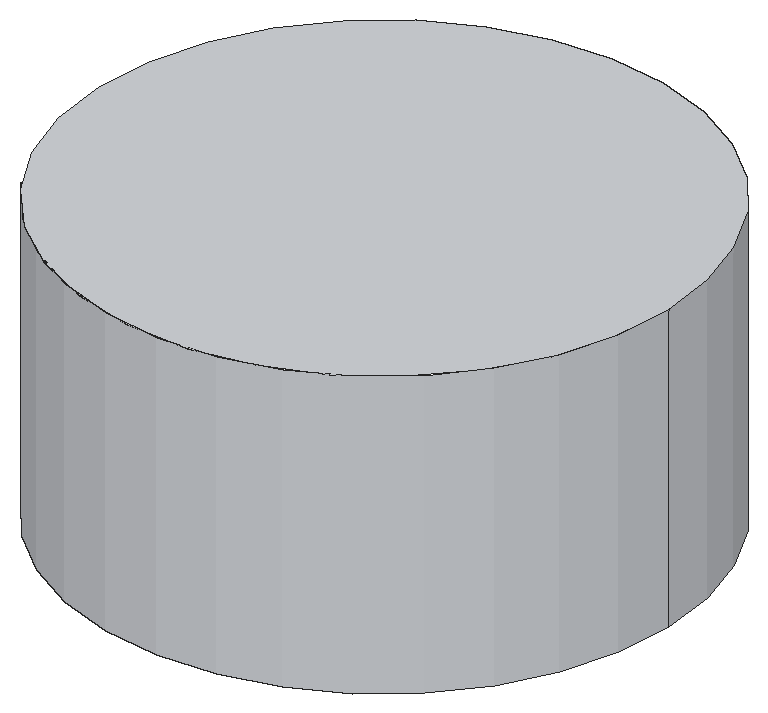
Revit family "Atlas_Sound_M1000R_Ceiling_Mounted", category Communication Devices, host Ceiling, Revit 2016
Family settings
  Host = Ceiling
  Maintain Annotation Orientation = No
  Part Type = Normal
  Round Connector Dimension = Use Diameter
  Work Plane-Based = No
  Always vertical = Yes
  Cut with Voids When Loaded = No
  Shared = No
  Room Calculation Point = No
Parameters
  Warranty Duration (Years) = 0
  URL = "https://www.atlasied.com/m1000r"
  Specification = ""
  SpecWizard = ""
  Send Message = ""
  Sales Information = ""
  Revision = ""
  Product Properties = ""
  Product Data = "https://www.atlasied.com/f/2380/ATS003761_M1000R-W_Data.pdf"
  OmniClass Title = ""
  OmniClass Number = ""
  MasterFormat04 Keynote = ""
  Manufacturer's Notes = ""
  Manufacturer Website = "https://www.atlasied.com/"
  Manufacturer Phone - Toll Free = "800-876-3333"
  Manufacturer Phone = "602-438-4545"
  Manufacturer Fax = "602-438-8692"
  Manufacturer Email = ""
  Manufacturer Address = "4545 E. Baseline Rd. Phoenix, AZ 85040"
  Manufacturer = "Atlas Sound"
  Maintenance Schedule (Months) = 0
  Installation-Fabrication = "https://www.atlasied.com/f/2380/ATS003761_M1000R-W_Data.pdf"
  Installation Phase = ""
  Green Building-LEED = ""
  Expected Lifespan (Years) = 0
  Drawn By = "Matt Wunch"
  Description = "8\" Dual cone sound masking speaker with 4-watt 70v transformer and enclosure - round"
  Copyright = "Arcat, Inc. ©2018"
  Construction Details = ""
  Company_ID = 0
  Category = ""
  Building Codes = ""
Reference planes (in)
  plane 1 "Center (Front/Back)": y = 0
  plane 2 "Ceiling": z = 96
  plane 3 "Center (Left/Right)": x = 0
Forms (in)
  Extrusion 1, solid
    sketch origin (0, 0, 96) x (1, 0, 0) y (0, 1, 0)
      loop
        circle (0, 0) r 4
    from -0.0625 to 3.9375
Lines and regions (in)
  symbolic lines
    curve 1: circle (0, 0, 96) r 2 normal (0, 0, 1)
Dimensions and locks (in)
  equal spacing: host sketch curve, plane 3 "Center (Left/Right)", host sketch curve
  equal spacing: host sketch curve, plane 1 "Center (Front/Back)", host sketch curve
  host sketch curve to host sketch curve = 10' - 0"  (x2)
Connectors (in)
  electrical at (0, 0, 99.9375)
    settings: on Extrusion 1, index 1, voltage 0 V, apparent load 0 VA, apparent load phase1 0 VA, apparent load phase2 0 VA, apparent load phase3 0 VA, power factor 1, load classification "Other", number of poles 1, system type 14, power factor state 1, is connector primary yes, connector utility no, sub classification motor no, connector description ""
